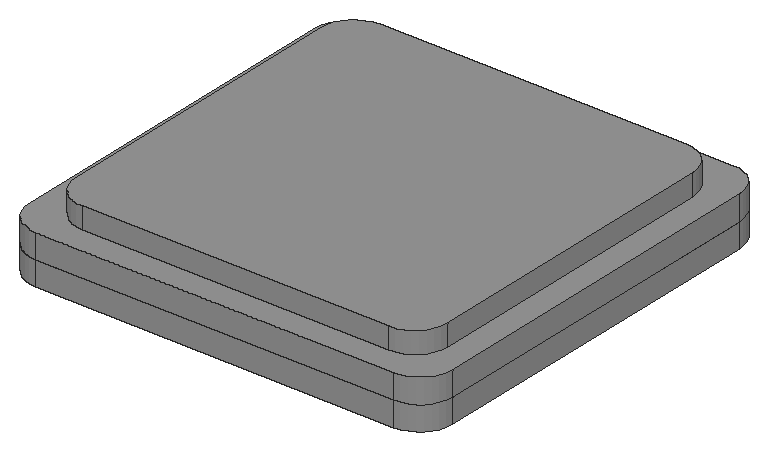
Revit family "FMS2_63_UN_Surface-mounted_ETK", category Lighting Fixtures, Revit 2019 (continued)
Definition of nested family "FMS.2 - Lightsource"
  Types (14, lengths in mm): name | Wattage Comments | Wattage | built-in parameter 1150134 | Photometric Web File | built-in parameter 1150142 | built-in parameter 1150105 | Lumens | built-in parameter 1150107 | built-in parameter 1150106 | Apparent Load
      02.1316\t501.1649\t500.1982\t499.3696\t498.4029\t497.5743\t496.6076\t495.779\t494.9504\r\n493.9837\t493.1551\t492.3265\t491.4979\t490.6693\t489.7026\t488.874\t488.0454\t487.2168\t486.3882\r\n485.5596\t484.731\t483.9024\t483.0738\t482.2452\t481.4166\t480.4499\t479.6213\t478.7927\t477.826\r\n476.9974\t475.3402\t473.1306\t470.7829\t468.5733\t466.3637\t464.016\t461.8064\t459.5968\t457.3872\r\n455.0395\t452.8299\t450.6203\t448.2726\t446.063\t443.8534\t441.6438\t439.2961\t437.0865\t434.7388\r\n432.3911\t430.1815\t427.8338\t425.6242\t423.2765\t421.0669\t418.7192\t416.3715\t414.1619\t411.8142\r\n409.6046\t407.1188\t403.8044\t400.6281\t397.3137\t394.1374\t390.9611\t387.6467\t384.4704\t381.2941\r\n377.9797\t374.8034\t371.489\t368.3127\t365.1364\t361.822\t358.6457\t355.3313\t352.155\t348.8406\r\n345.6643\t342.488\t339.1736\t335.9973\t332.6829\t329.5066\t326.1922\t323.0159\t319.7015\t316.5252\r\n313.3489\t310.0345\t306.3058\t302.439\t298.7103\t294.9816\t291.2529\t287.5242\t283.7955\t280.0668\r\n276.3381\t272.6094\t268.7426\t265.0139\t261.2852\t257.5565\t253.8278\t250.0991\t246.3704\t242.5036\r\n238.7749\t235.0462\t231.3175\t227.5888\t223.722\t219.9933\t216.2646\t212.5359\t208.8072\t205.0785\r\n201.2117\t197.483\t193.7543\t189.8875\t186.1588\t182.4301\t178.5633\t174.8346\t171.1059\t167.2391\r\n163.5104\t159.7817\t155.9149\t152.1862\t148.4575\t144.5907\t140.862\t137.0781\t133.3079\t129.524\r\n125.7539\t121.9699\t118.1998\t114.4158\t110.6457\t106.8618\t103.0917\t99.3077\t95.5376\t91.7675\r\n87.9835\t81.3961\t72.6406\t63.8851\t55.1433\t46.3878\t37.6322\t28.8767\t20.1212\t11.3629\r\n2.6073\t0\t0\t0\t0\t0\t0\t0\t0\t0\r\n0\t0\t0\t0\t0\t0\t0\t0\t0\t0\r\n0\r\n502.9602\t502.1316\t501.1649\t500.3363\t499.3696\t498.541\t497.5743\t496.7457\t495.9171\t495.0885\r\n494.2599\t493.4313\t492.6027\t491.9122\t491.0836\t490.255\t489.4264\t488.5978\t487.7692\t486.9406\r\n485.9739\t485.1453\t484.3167\t483.4881\t482.6595\t481.8309\t481.0023\t480.1737\t479.207\t478.3784\r\n477.5498\t476.7212\t474.5116\t472.1639\t469.9543\t467.6066\t465.397\t463.0493\t460.8397\t458.492\r\n456.2824\t454.0728\t451.7251\t449.5155\t447.1678\t444.9582\t442.6105\t440.4009\t438.0532\t435.8436\r\n433.4959\t431.2863\t428.9386\t426.5909\t424.3813\t422.0336\t419.6859\t417.4763\t415.1286\t412.7809\r\n410.4332\t408.2236\t405.5997\t402.4234\t399.109\t395.9327\t392.7564\t389.442\t386.1276\t382.9513\r\n379.6369\t376.4606\t373.1462\t369.9699\t366.6555\t363.4792\t360.1648\t356.8504\t353.6741\t350.3597\r\n347.1834\t343.869\t340.6927\t337.3783\t334.202\t330.8876\t327.7113\t324.3969\t321.0825\t317.9062\r\n314.5918\t311.4155\t308.1011\t304.3724\t300.6437\t296.7769\t293.0482\t289.3195\t285.4527\t281.724\r\n277.9953\t274.1285\t270.3998\t266.6711\t262.9424\t259.0756\t255.3469\t251.6182\t247.8895\t244.0227\r\n240.294\t236.4272\t232.6985\t228.9698\t225.103\t221.3743\t217.5075\t213.7788\t209.912\t206.1833\r\n202.4546\t198.5878\t194.8591\t190.9923\t187.2636\t183.5349\t179.6681\t175.9394\t172.0726\t168.3439\r\n164.4771\t160.7484\t157.0197\t153.1529\t149.4242\t145.5574\t141.8287\t138.0448\t134.2608\t130.4769\r\n126.6929\t122.909\t119.1251\t115.3411\t111.5572\t107.7732\t103.9893\t100.2192\t96.4352\t92.6513\r\n88.8673\t84.9867\t76.2036\t67.4066\t58.6235\t49.8265\t41.0433\t32.2463\t23.4632\t14.6662\r\n5.8762\t0\t0\t0\t0\t0\t0\t0\t0\t0\r\n0\t0\t0\t0\t0\t0\t0\t0\t0\t0\r\n0\r\n502.9602\t502.1316\t501.1649\t500.3363\t499.5077\t498.541\t497.7124\t497.0219\t496.1933\t495.3647\r\n494.6742\t493.8456\t493.1551\t492.3265\t491.4979\t490.6693\t489.8407\t489.0121\t488.1835\t487.3549\r\n486.5263\t485.6977\t484.8691\t484.0405\t483.2119\t482.3833\t481.4166\t480.4499\t479.6213\t478.6546\r\n477.6879\t476.8593\t475.7545\t473.5449\t471.3353\t468.9876\t466.778\t464.5684\t462.2207\t460.0111\r\n457.8015\t455.4538\t453.2442\t450.8965\t448.5488\t446.3392\t443.9915\t441.7819\t439.4342\t437.0865\r\n434.7388\t432.5292\t430.1815\t427.8338\t425.4861\t423.1384\t420.7907\t418.443\t416.0953\t413.6095\r\n411.2618\t408.9141\t406.5664\t404.2187\t401.0424\t397.8661\t394.5517\t391.3754\t388.061\t384.8847\r\n381.5703\t378.2559\t374.9415\t371.7652\t368.4508\t365.1364\t361.822\t358.5076\t355.3313\t352.0169\r\n348.7025\t345.3881\t342.2118\t338.8974\t335.583\t332.2686\t329.0923\t325.7779\t322.4635\t319.2872\r\n315.9728\t312.6584\t309.344\t306.0296\t302.5771\t298.7103\t294.8435\t291.1148\t287.248\t283.5193\r\n279.6525\t275.9238\t272.057\t268.3283\t264.4615\t260.7328\t256.866\t252.9992\t249.2705\t245.4037\r\n241.675\t237.8082\t234.0795\t230.2127\t226.484\t222.6172\t218.8885\t215.0217\t211.293\t207.4262\r\n203.6975\t199.8307\t196.102\t192.2352\t188.5065\t184.6397\t180.7729\t177.0442\t173.1774\t169.4487\r\n165.5819\t161.8532\t158.1245\t154.2577\t150.529\t146.6622\t142.9335\t139.0667\t135.338\t131.5541\r\n127.7701\t123.9862\t120.2022\t116.4183\t112.6344\t108.8504\t105.0665\t101.2825\t97.4986\t93.7147\r\n89.9307\t86.1606\t81.0371\t72.2125\t63.3879\t54.5633\t45.7525\t36.9279\t28.1034\t19.2788\r\n10.4486\t1.6227\t0\t0\t0\t0\t0\t0\t0\t0\r\n0\t0\t0\t0\t0\t0\t0\t0\t0\t0\r\n0\r\n502.9602\t502.1316\t501.303\t500.3363\t499.5077\t498.8172\t497.9886\t497.2981\t496.4695\t495.779\r\n495.0885\t494.2599\t493.4313\t492.7408\t491.9122\t491.0836\t490.3931\t489.5645\t488.7359\t487.9073\r\n487.0787\t486.112\t485.2834\t484.3167\t483.4881\t482.5214\t481.6928\t480.8642\t479.8975\t479.0689\r\n478.1022\t477.1355\t476.1688\t475.2021\t472.9925\t470.7829\t468.4352\t466.2256\t463.8779\t461.6683\r\n459.3206\t457.111\t454.7633\t452.5537\t450.206\t447.8583\t445.5106\t443.0248\t440.6771\t438.3294\r\n435.9817\t433.634\t431.4244\t429.0767\t426.5909\t424.2432\t421.8955\t419.4097\t417.062\t414.5762\r\n412.2285\t409.7427\t407.395\t404.9092\t402.5615\t400.0757\t396.7613\t393.4469\t390.2706\t386.9562\r\n383.6418\t380.3274\t377.013\t373.6986\t370.3842\t367.0698\t363.7554\t360.441\t357.1266\t353.8122\r\n350.4978\t347.1834\t343.869\t340.5546\t337.2402\t333.9258\t330.6114\t327.297\t323.9826\t320.6682\r\n317.2157\t313.9013\t310.5869\t307.2725\t303.9581\t300.6437\t297.1912\t293.3244\t289.4576\t285.5908\r\n281.8621\t277.9953\t274.1285\t270.2617\t266.3949\t262.5281\t258.6613\t254.7945\t251.0658\t247.199\r\n243.3322\t239.4654\t235.7367\t231.8699\t228.0031\t224.2744\t220.4076\t216.5408\t212.8121\t208.9453\r\n205.0785\t201.3498\t197.483\t193.6162\t189.8875\t186.0207\t182.1539\t178.4252\t174.5584\t170.6916\r\n166.9629\t163.0961\t159.2293\t155.5006\t151.6338\t147.9051\t144.0383\t140.3096\t136.4842\t132.7003\r\n128.9163\t125.1324\t121.3485\t117.5645\t113.7806\t109.9967\t106.2265\t102.4426\t98.6724\t94.8885\r\n91.1184\t87.3483\t83.5781\t78.2889\t69.4367\t60.5707\t51.7185\t42.8662\t34.014\t25.1618\r\n16.3096\t7.4491\t0\t0\t0\t0\t0\t0\t0\t0\r\n0\t0\t0\t0\t0\t0\t0\t0\t0\t0\r\n0\r\n502.9602\t502.1316\t501.303\t500.4744\t499.6458\t498.9553\t498.2648\t497.5743\t496.8838\t496.1933\r\n495.5028\t494.6742\t493.9837\t493.1551\t492.4646\t491.636\t490.9455\t489.9788\t489.1502\t488.3216\r\n487.493\t486.5263\t485.6977\t484.8691\t483.9024\t483.0738\t482.1071\t481.1404\t480.3118\t479.3451\r\n478.3784\t477.4117\t476.445\t475.3402\t474.3735\t472.5782\t470.3686\t468.0209\t465.8113\t463.4636\r\n461.1159\t458.7682\t456.5586\t454.2109\t451.8632\t449.5155\t447.1678\t444.8201\t442.3343\t439.9866\r\n437.6389\t435.1531\t432.8054\t430.3196\t427.8338\t425.4861\t423.0003\t420.5145\t418.1668\t415.681\r\n413.1952\t410.7094\t408.2236\t405.7378\t403.252\t400.7662\t398.2804\t395.7946\t392.7564\t389.442\r\n386.1276\t382.8132\t379.3607\t376.0463\t372.5938\t369.2794\t365.8269\t362.5125\t359.1981\t355.7456\r\n352.4312\t349.1168\t345.6643\t342.3499\t338.8974\t335.583\t332.1305\t328.8161\t325.5017\t322.0492\r\n318.7348\t315.4204\t311.9679\t308.6535\t305.201\t301.8866\t298.4341\t295.1197\t291.6672\t287.9385\r\n284.0717\t280.2049\t276.3381\t272.4713\t268.4664\t264.5996\t260.7328\t256.866\t252.9992\t249.1324\r\n245.2656\t241.3988\t237.532\t233.6652\t229.7984\t225.9316\t222.0648\t218.198\t214.3312\t210.4644\r\n206.5976\t202.8689\t199.0021\t195.1353\t191.2685\t187.4017\t183.5349\t179.6681\t175.8013\t172.0726\r\n168.2058\t164.339\t160.6103\t156.7435\t153.0148\t149.148\t145.2812\t141.5525\t137.7548\t133.957\r\n130.1731\t126.3891\t122.619\t118.835\t115.0649\t111.2948\t107.5247\t103.7545\t99.9982\t96.2281\r\n92.4718\t88.7154\t84.9591\t81.2028\t76.7974\t67.9038\t59.0101\t50.1165\t41.2229\t32.3292\r\n23.4356\t14.5419\t5.6538\t0\t0\t0\t0\t0\t0\t0\r\n0\t0\t0\t0\t0\t0\t0\t0\t0\t0\r\n0\r\n502.9602\t502.1316\t501.4411\t500.6125\t499.922\t499.2315\t498.541\t497.9886\t497.2981\t496.6076\r\n495.9171\t495.2266\t494.398\t493.7075\t493.017\t492.1884\t491.3598\t490.5312\t489.7026\t488.7359\r\n487.9073\t487.0787\t486.2501\t485.2834\t484.4548\t483.4881\t482.5214\t481.5547\t480.588\t479.6213\r\n478.5165\t477.5498\t476.445\t475.4783\t474.3735\t473.2687\t472.1639\t470.2305\t467.8828\t465.6732\r\n463.3255\t460.9778\t458.492\t456.1443\t453.7966\t451.4489\t448.9631\t446.6154\t444.1296\t441.6438\r\n439.2961\t436.8103\t434.3245\t431.8387\t429.3529\t426.8671\t424.3813\t421.8955\t419.2716\t416.7858\r\n414.3\t411.8142\t409.1903\t406.5664\t404.0806\t401.4567\t398.8328\t396.347\t393.7231\t391.2373\r\n388.6134\t385.4371\t381.9846\t378.6702\t375.2177\t371.7652\t368.4508\t364.9983\t361.5458\t358.0933\r\n354.6408\t351.3264\t347.8739\t344.4214\t340.9689\t337.5164\t334.0639\t330.6114\t327.297\t323.8445\r\n320.392\t316.9395\t313.487\t310.0345\t306.7201\t303.2676\t299.8151\t296.3626\t293.0482\t289.5957\r\n286.2813\t282.8288\t279.1001\t275.0952\t271.2284\t267.2235\t263.3567\t259.3518\t255.485\t251.4801\r\n247.6133\t243.6084\t239.7416\t235.7367\t231.8699\t228.0031\t223.9982\t220.1314\t216.2646\t212.3978\r\n208.3929\t204.5261\t200.6593\t196.7925\t192.9257\t189.0589\t185.1921\t181.3253\t177.4585\t173.5917\r\n169.7249\t165.8581\t161.9913\t158.1245\t154.3958\t150.529\t146.8003\t142.9335\t139.2048\t135.3518\r\n131.5541\t127.7839\t124\t120.2299\t116.4597\t112.6896\t108.9333\t105.1632\t101.4206\t97.6643\r\n93.9218\t90.1793\t86.4368\t82.7081\t78.9656\t75.2369\t67.5585\t58.6235\t49.7022\t40.7671\r\n31.8321\t22.897\t13.9619\t5.0255\t0\t0\t0\t0\t0\t0\r\n0\t0\t0\t0\t0\t0\t0\t0\t0\t0\r\n0\r\n502.9602\t502.2697\t501.4411\t500.7506\t500.0601\t499.5077\t498.9553\t498.2648\t497.7124\t497.0219\r\n496.3314\t495.6409\t494.9504\t494.2599\t493.4313\t492.6027\t491.9122\t491.0836\t490.255\t489.4264\r\n488.4597\t487.6311\t486.8025\t485.8358\t484.8691\t483.9024\t482.9357\t481.969\t480.8642\t479.7594\r\n478.7927\t477.6879\t476.5831\t475.4783\t474.3735\t473.2687\t472.0258\t470.921\t469.6781\t467.8828\r\n465.5351\t463.1874\t460.8397\t458.3539\t456.0062\t453.5204\t451.0346\t448.5488\t446.2011\t443.7153\r\n441.2295\t438.7437\t436.1198\t433.634\t431.1482\t428.5243\t425.9004\t423.2765\t420.7907\t418.1668\r\n415.5429\t412.919\t410.4332\t407.8093\t405.1854\t402.4234\t399.7995\t397.1756\t394.4136\t391.7897\r\n389.0277\t386.4038\t383.6418\t381.0179\t378.2559\t374.8034\t371.3509\t367.8984\t364.4459\t360.9934\r\n357.4028\t353.9503\t350.4978\t346.9072\t343.4547\t339.8641\t336.4116\t332.821\t329.3685\t325.916\r\n322.4635\t318.8729\t315.4204\t311.9679\t308.3773\t304.9248\t301.4723\t297.8817\t294.4292\t290.9767\r\n287.3861\t283.9336\t280.4811\t277.0286\t273.5761\t269.9855\t266.1187\t262.1138\t258.1089\t254.104\r\n250.0991\t246.0942\t242.2274\t238.2225\t234.3557\t230.3508\t226.484\t222.4791\t218.4742\t214.4693\r\n210.6025\t206.5976\t202.7308\t198.7259\t194.8591\t190.8542\t186.9874\t183.1206\t179.1157\t175.2489\r\n171.3821\t167.5153\t163.6485\t159.7817\t155.9149\t152.1862\t148.3194\t144.4526\t140.7239\t136.9123\r\n133.1008\t129.303\t125.5053\t121.7213\t117.9374\t114.1673\t110.4109\t106.6546\t102.9259\t99.1972\r\n95.4823\t91.7675\t88.0526\t84.3515\t80.6504\t76.9493\t73.2621\t68.5114\t59.5073\t50.517\r\n41.5129\t32.5226\t23.5184\t14.5281\t5.5309\t0\t0\t0\t0\t0\r\n0\t0\t0\t0\t0\t0\t0\t0\t0\t0\r\n0\r\n502.9602\t502.2697\t501.5792\t500.8887\t500.3363\t499.7839\t499.2315\t498.6791\t498.1267\t497.5743\r\n496.8838\t496.1933\t495.5028\t494.8123\t493.9837\t493.2932\t492.4646\t491.636\t490.8074\t489.9788\r\n489.1502\t488.1835\t487.3549\t486.3882\t485.4215\t484.3167\t483.35\t482.2452\t481.1404\t480.1737\r\n479.0689\t477.9641\t476.8593\t475.6164\t474.3735\t473.1306\t471.8877\t470.6448\t469.4019\t468.0209\r\n466.6399\t465.2589\t463.3255\t460.9778\t458.492\t456.0062\t453.5204\t451.0346\t448.5488\t446.063\r\n443.4391\t440.8152\t438.3294\t435.7055\t433.0816\t430.5958\t427.9719\t425.348\t422.7241\t420.1002\r\n417.3382\t414.7143\t411.9523\t409.1903\t406.4283\t403.6663\t400.9043\t398.1423\t395.5184\t392.7564\r\n389.9944\t387.2324\t384.3323\t381.5703\t378.8083\t375.9082\t373.0081\t370.2461\t367.346\t364.1697\r\n360.5791\t356.9885\t353.536\t349.9454\t346.3548\t342.7642\t339.1736\t335.583\t331.9924\t328.4018\r\n324.8112\t321.2206\t317.7681\t314.1775\t310.5869\t306.9963\t303.2676\t299.677\t296.2245\t292.6339\r\n289.1814\t285.5908\t282.0002\t278.5477\t274.9571\t271.3665\t267.914\t264.3234\t260.8709\t257.2803\r\n253.4135\t249.4086\t245.2656\t241.2607\t237.2558\t233.2509\t229.246\t225.2411\t221.2362\t217.0932\r\n213.0883\t209.0834\t205.0785\t201.2117\t197.2068\t193.2019\t189.3351\t185.3302\t181.3253\t177.3204\r\n173.3155\t169.4487\t165.4438\t161.577\t157.7102\t153.7053\t149.8385\t146.1098\t142.243\t138.5143\r\n134.6751\t130.8912\t127.121\t123.3371\t119.5532\t115.783\t112.0129\t108.2704\t104.5279\t100.7992\r\n97.0843\t93.3832\t89.696\t86.0087\t82.3352\t78.6618\t74.9883\t71.3286\t67.6828\t61.5512\r\n52.478\t43.4186\t34.3455\t25.2723\t16.2129\t7.1329\t0\t0\t0\t0\r\n0\t0\t0\t0\t0\t0\t0\t0\t0\t0\r\n0\r\n502.9602\t502.2697\t501.7173\t501.0268\t500.6125\t500.1982\t499.6458\t499.0934\t498.6791\t497.9886\r\n497.4362\t496.7457\t496.0552\t495.3647\t494.6742\t493.8456\t493.1551\t492.3265\t491.4979\t490.6693\r\n489.8407\t488.874\t487.9073\t486.9406\t485.9739\t484.8691\t483.7643\t482.7976\t481.6928\t480.7261\r\n479.4832\t478.2403\t476.9974\t475.7545\t474.5116\t473.1306\t471.8877\t470.5067\t469.1257\t467.6066\r\n466.2256\t464.8446\t463.3255\t461.8064\t460.2873\t458.7682\t456.4205\t453.9347\t451.3108\t448.825\r\n446.2011\t443.7153\t441.0914\t438.6056\t435.8436\t433.2197\t430.4577\t427.6957\t424.9337\t422.3098\r\n419.4097\t416.6477\t413.8857\t411.1237\t408.3617\t405.5997\t402.6996\t399.7995\t396.8994\t393.9993\r\n391.2373\t388.1991\t385.4371\t382.537\t379.4988\t376.5987\t373.6986\t370.7985\t367.8984\t364.9983\r\n361.9601\t358.9219\t356.0218\t353.1217\t350.0835\t346.4929\t342.6261\t338.8974\t335.3068\t331.5781\r\n327.9875\t324.3969\t320.6682\t317.0776\t313.3489\t309.7583\t306.0296\t302.439\t298.7103\t294.9816\r\n291.2529\t287.6623\t284.0717\t280.4811\t276.7524\t273.1618\t269.4331\t265.8425\t262.2519\t258.6613\r\n255.0707\t251.4801\t247.8895\t244.1608\t240.5702\t236.7034\t232.6985\t228.5555\t224.4125\t220.4076\r\n216.2646\t212.2597\t208.1167\t203.9737\t199.9688\t195.8258\t191.8209\t187.816\t183.8111\t179.8062\r\n175.8013\t171.7964\t167.7915\t163.7866\t159.9198\t155.9149\t151.91\t148.0432\t144.0383\t140.1715\r\n136.3047\t132.4793\t128.6678\t124.87\t121.0861\t117.316\t113.5734\t109.8447\t106.1298\t102.4288\r\n98.7415\t95.068\t91.3946\t87.7349\t84.0753\t80.4433\t76.8112\t73.1792\t69.5748\t65.9704\r\n62.366\t55.7372\t46.5535\t37.3699\t28.1862\t19.0026\t9.8106\t0.6187\t0\t0\r\n0\t0\t0\t0\t0\t0\t0\t0\t0\t0\r\n0\r\n502.9602\t502.4078\t501.7173\t501.303\t500.8887\t500.4744\t500.0601\t499.6458\t499.0934\t498.541\r\n497.9886\t497.2981\t496.7457\t496.0552\t495.3647\t494.6742\t493.8456\t493.1551\t492.3265\t491.4979\r\n490.5312\t489.5645\t488.5978\t487.6311\t486.5263\t485.5596\t484.5929\t483.6262\t482.3833\t481.1404\r\n479.8975\t478.6546\t477.4117\t476.0307\t474.7878\t473.4068\t471.8877\t470.5067\t468.9876\t467.6066\r\n466.0875\t464.5684\t462.9112\t461.3921\t459.7349\t458.0777\t456.4205\t454.7633\t453.1061\t451.4489\r\n449.6536\t447.0297\t444.4058\t441.6438\t438.8818\t436.2579\t433.3578\t430.5958\t427.8338\t425.0718\r\n422.3098\t419.4097\t416.5096\t413.6095\t410.8475\t407.9474\t404.9092\t402.0091\t398.9709\t396.0708\r\n393.0326\t390.1325\t387.2324\t384.1942\t381.156\t378.1178\t375.0796\t372.0414\t369.0032\t365.8269\r\n362.7887\t359.6124\t356.5742\t353.536\t350.4978\t347.4596\t344.2833\t341.2451\t338.2069\t335.0306\r\n331.8543\t328.2637\t324.3969\t320.8063\t317.0776\t313.3489\t309.4821\t305.6153\t301.8866\t298.1579\r\n294.4292\t290.5624\t286.8337\t283.105\t279.2382\t275.5095\t271.7808\t268.0521\t264.3234\t260.5947\r\n256.866\t253.1373\t249.4086\t245.6799\t241.9512\t238.3606\t234.6319\t231.0413\t227.3126\t223.722\r\n219.9933\t215.9884\t211.8454\t207.7024\t203.5594\t199.2783\t195.1353\t190.9923\t186.9874\t182.8444\r\n178.7014\t174.6965\t170.5535\t166.5486\t162.5437\t158.4007\t154.3958\t150.3909\t146.386\t142.3811\r\n138.3762\t134.4818\t130.5321\t126.6101\t122.7709\t119.0146\t115.2583\t111.5296\t107.8147\t104.1136\r\n100.4125\t96.739\t93.0794\t89.4474\t85.8153\t82.1971\t78.6065\t75.0159\t71.4391\t67.89\r\n64.3408\t60.7916\t57.2701\t50.9865\t41.651\t32.3016\t22.9384\t13.5821\t4.2162\t0\r\n0\t0\t0\t0\t0\t0\t0\t0\t0\t0\r\n0\r\n502.9602\t502.4078\t501.8554\t501.4411\t501.1649\t500.8887\t500.4744\t500.0601\t499.6458\t499.0934\r\n498.541\t497.9886\t497.4362\t496.7457\t496.0552\t495.3647\t494.6742\t493.8456\t493.1551\t492.1884\r\n491.3598\t490.3931\t489.4264\t488.4597\t487.493\t486.5263\t485.4215\t484.3167\t483.0738\t481.8309\r\n480.588\t479.3451\t477.9641\t476.5831\t475.2021\t473.683\t472.302\t470.7829\t469.2638\t467.7447\r\n466.0875\t464.4303\t462.9112\t461.1159\t459.4587\t457.8015\t456.1443\t454.349\t452.5537\t450.6203\r\n448.6869\t446.7535\t444.8201\t442.8867\t440.9533\t438.8818\t436.9484\t434.3245\t431.4244\t428.6624\r\n425.7623\t422.8622\t419.9621\t416.9239\t414.0238\t410.9856\t408.0855\t405.0473\t402.1472\t399.109\r\n395.9327\t392.8945\t389.7182\t386.68\t383.5037\t380.3274\t377.1511\t374.1129\t370.9366\t367.7603\r\n364.584\t361.4077\t358.2314\t355.0551\t351.7407\t348.5644\t345.25\t342.0737\t338.8974\t335.583\r\n332.2686\t328.9542\t325.7779\t322.4635\t319.1491\t315.9728\t312.6584\t309.344\t306.0296\t302.1628\r\n298.4341\t294.5673\t290.7005\t286.8337\t282.9669\t279.1001\t275.2333\t271.3665\t267.4997\t263.6329\r\n259.7661\t255.8993\t252.1706\t248.3038\t244.43
